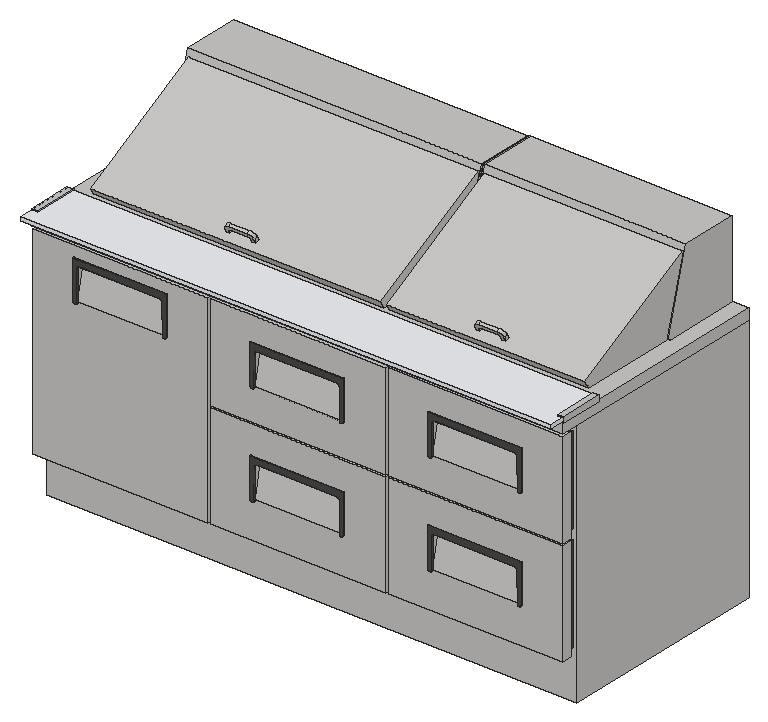
Revit family "QF_TRUE_TFP-72-30M-D-4", category Specialty Equipment, Revit 2012 (continued)
Automatic sketch dimensions
  Split face 13 sketch curve to Split face 13 sketch curve = 1 1/4"
  Split face 14 sketch curve to Extrusion 1 = 1.47413"
  Split face 14 sketch curve to Split face 14 sketch curve = 4 1/4"
  Split face 14 sketch curve to Extrusion 1 = 7 15/16"
  Split face 14 sketch curve to Split face 14 sketch curve = 1 1/4"
  Split face 15 sketch curve to Extrusion 1 = 1.47413"
  Split face 15 sketch curve to Split face 15 sketch curve = 4 1/4"
  Split face 15 sketch curve to Extrusion 1 = 9 7/16"
  Split face 15 sketch curve to Split face 15 sketch curve = 1 1/4"
  Split face 16 sketch curve to Extrusion 1 = 1.47413"
  Split face 16 sketch curve to Split face 16 sketch curve = 4 1/4"
  Split face 16 sketch curve to Extrusion 1 = 10 15/16"
  Split face 16 sketch curve to Split face 16 sketch curve = 1 1/4"
  Split face 17 sketch curve to Extrusion 1 = 1.47413"
  Split face 17 sketch curve to Split face 17 sketch curve = 4 1/4"
  Split face 17 sketch curve to Extrusion 1 = 12 7/16"
  Split face 17 sketch curve to Split face 17 sketch curve = 1 1/4"
  Split face 18 sketch curve to Extrusion 1 = 1.47413"
  Split face 18 sketch curve to Split face 18 sketch curve = 4 1/4"
  Split face 18 sketch curve to Extrusion 1 = 13 15/16"
  Split face 18 sketch curve to Split face 18 sketch curve = 1 1/4"
  Extrusion 2 to Extrusion 11 sketch curve = 24 11/64"
  Extrusion 11 sketch curve to Extrusion 2 = 0"  (x3)
  Extrusion 12 sketch curve to Extrusion 2 = 0"
  Extrusion 2 to Extrusion 12 sketch curve = 22 15/32"
  Extrusion 2 to Extrusion 12 sketch curve = 0.04699"
  Extrusion 12 sketch curve to Extrusion 12 sketch curve = 23 55/64"
  Extrusion 1 to Extrusion 13 sketch curve = 3.53427"
  Extrusion 1 to Extrusion 13 sketch curve = 3.84854"
  Split face 19 sketch curve to Extrusion 1 = 1.47413"
  Split face 19 sketch curve to Split face 19 sketch curve = 4 1/4"
  Split face 19 sketch curve to Extrusion 1 = 27 3/16"
  Split face 19 sketch curve to Split face 19 sketch curve = 1 1/4"
  Split face 20 sketch curve to Extrusion 1 = 1.47413"
  Split face 20 sketch curve to Split face 20 sketch curve = 4 1/4"
  Split face 20 sketch curve to Extrusion 1 = 25 11/16"
  Split face 20 sketch curve to Split face 20 sketch curve = 1 1/4"
  Split face 21 sketch curve to Extrusion 1 = 1.47413"
  Split face 21 sketch curve to Split face 21 sketch curve = 4 1/4"
  Split face 21 sketch curve to Extrusion 1 = 24 3/16"
  Split face 21 sketch curve to Split face 21 sketch curve = 1 1/4"
  Split face 22 sketch curve to Extrusion 1 = 1.47413"
  Split face 22 sketch curve to Split face 22 sketch curve = 4 1/4"
  Split face 22 sketch curve to Extrusion 1 = 22 11/16"
  Split face 22 sketch curve to Split face 22 sketch curve = 1 1/4"
  Split face 23 sketch curve to Extrusion 1 = 1.47413"
  Split face 23 sketch curve to Split face 23 sketch curve = 4 1/4"
  Split face 23 sketch curve to Extrusion 1 = 21 3/16"
  Split face 23 sketch curve to Split face 23 sketch curve = 1 1/4"
  Split face 24 sketch curve to Extrusion 1 = 1.47413"
  Split face 24 sketch curve to Split face 24 sketch curve = 4 1/4"
  Split face 24 sketch curve to Extrusion 1 = 19 11/16"
  Split face 24 sketch curve to Split face 24 sketch curve = 1 1/4"
  Extrusion 14 sketch curve to plane 10 = 0"
  Extrusion 14 sketch curve to plane 6 "TOP" = 0"
  Extrusion 14 sketch curve to plane 1 "BACK" = 0"
  plane 13 to Extrusion 14 sketch curve = 0.05388"
  plane 12 to Extrusion 14 sketch curve = 0.21856"
  Extrusion 14 sketch curve to plane 12 = 0.02175"
  Extrusion 14 sketch curve to Extrusion 14 sketch curve = 1/4"
  Extrusion 15 sketch curve to plane 10 = 0"  (x2)
  Extrusion 15 sketch curve to plane 17 = 0.41439"
  plane 11 to Extrusion 15 sketch curve = 6.86557"
  Extrusion 15 sketch curve to Extrusion 15 sketch curve = 0.53006"
  Extrusion 15 sketch curve to plane 12 = 0.02175"
  plane 12 to Extrusion 15 sketch curve = 0.21856"
  Extrusion 15 sketch curve to Extrusion 15 sketch curve = 0"
  Extrusion 15 sketch curve to plane 13 = 0.19041"
  Extrusion 15 sketch curve to Extrusion 15 sketch curve = 1/4"
  Extrusion 15 sketch curve to plane 6 "TOP" = 0.85196"
  Extrusion 16 sketch curve to plane 10 = 0"
  Extrusion 16 sketch curve to plane 6 "TOP" = 0"
  Extrusion 16 sketch curve to plane 1 "BACK" = 0"
  plane 13 to Extrusion 16 sketch curve = 0.05388"
  plane 12 to Extrusion 16 sketch curve = 0.21856"
  Extrusion 16 sketch curve to plane 12 = 0.02175"
  Extrusion 16 sketch curve to Extrusion 16 sketch curve = 1/4"
  Extrusion 17 sketch curve to plane 9 "BASE" = 0"  (x2)
  plane 11 to Extrusion 17 sketch curve = 5.94589"
  plane 9 "BASE" to Extrusion 17 sketch curve = 9/16"  (x2)
  Extrusion 17 sketch curve to Extrusion 17 sketch curve = 1.18585"  (x2)
  plane 1 "BACK" to Extrusion 17 sketch curve = 3.67985"
  Extrusion 18 sketch curve to plane 9 "BASE" = 0"  (x2)
  plane 11 to Extrusion 18 sketch curve = 5.94589"
  plane 9 "BASE" to Extrusion 18 sketch curve = 9/16"  (x2)
  Extrusion 18 sketch curve to Extrusion 18 sketch curve = 1.18585"  (x2)
  plane 1 "BACK" to Extrusion 18 sketch curve = 3.67985"
  Extrusion 19 sketch curve to plane 9 "BASE" = 0"  (x2)
  plane 11 to Extrusion 19 sketch curve = 5.94589"
  plane 9 "BASE" to Extrusion 19 sketch curve = 9/16"  (x2)
  Extrusion 19 sketch curve to Extrusion 19 sketch curve = 1.18585"  (x2)
  plane 1 "BACK" to Extrusion 19 sketch curve = 3.67985"
  Extrusion 20 sketch curve to plane 9 "BASE" = 0"  (x2)
  plane 11 to Extrusion 20 sketch curve = 5.94589"
  plane 9 "BASE" to Extrusion 20 sketch curve = 9/16"  (x2)
  Extrusion 20 sketch curve to Extrusion 20 sketch curve = 1.18585"  (x2)
  plane 1 "BACK" to Extrusion 20 sketch curve = 3.67985"
  Extrusion 21 sketch curve to Extrusion 21 sketch curve = 0"  (x5)
  plane 19 to Extrusion 21 sketch curve = 11 3/4"
  Extrusion 21 sketch curve to Extrusion 21 sketch curve = 1/2"  (x3)
  Extrusion 21 sketch curve to Extrusion 21 sketch curve = 1/4"
  Extrusion 21 sketch curve to Extrusion 21 sketch curve = 2 1/2"
  Extrusion 22 sketch curve to Extrusion 22 sketch curve = 0"  (x5)
  Extrusion 22 sketch curve to plane 7 "Center Y" = 11 7/8"
  Extrusion 22 sketch curve to Extrusion 22 sketch curve = 1/2"  (x3)
  Extrusion 22 sketch curve to Extrusion 22 sketch curve = 1/4"
  Extrusion 22 sketch curve to Extrusion 22 sketch curve = 2 1/2"
  Split face 25 sketch curve to Extrusion 1 = 1.47413"
  Split face 25 sketch curve to Split face 25 sketch curve = 4 1/4"
  Split face 25 sketch curve to Extrusion 1 = 31 11/16"
  Split face 25 sketch curve to Split face 25 sketch curve = 1 1/4"
  Split face 26 sketch curve to Extrusion 1 = 1.47413"
  Split face 26 sketch curve to Split face 26 sketch curve = 4 1/4"
  Split face 26 sketch curve to Extrusion 1 = 30 3/16"
  Split face 26 sketch curve to Split face 26 sketch curve = 1 1/4"
  Split face 27 sketch curve to Extrusion 1 = 1.47413"
  Split face 27 sketch curve to Split face 27 sketch curve = 4 1/4"
  Split face 27 sketch curve to Extrusion 1 = 28 11/16"
  Split face 27 sketch curve to Split face 27 sketch curve = 1 1/4"
  Extrusion 23 sketch curve to plane 11 = 0"  (x2)
  Extrusion 23 sketch curve to Extrusion 23 sketch curve = 1"  (x2)
  Extrusion 23 sketch curve to plane 16 = 2.82903"
  plane 16 to Extrusion 23 sketch curve = 1.63646"
  Extrusion 23 sketch curve to Extrusion 23 sketch curve = 9.37673"
  Extrusion 23 sketch curve to Extrusion 23 sketch curve = 4.46549"
  Split face 28 sketch curve to Extrusion 1 = 1.47413"
  Split face 28 sketch curve to Split face 28 sketch curve = 4 1/4"
  Split face 28 sketch curve to Extrusion 1 = 28 7/16"
  Split face 28 sketch curve to Split face 28 sketch curve = 1 1/4"
  Split face 29 sketch curve to Extrusion 1 = 1.47413"
  Split face 29 sketch curve to Split face 29 sketch curve = 4 1/4"
  Split face 29 sketch curve to Extrusion 1 = 26 15/16"
  Split face 29 sketch curve to Split face 29 sketch curve = 1 1/4"
  Split face 30 sketch curve to Extrusion 1 = 1.47413"
  Split face 30 sketch curve to Split face 30 sketch curve = 4 1/4"
  Split face 30 sketch curve to Extrusion 1 = 25 7/16"
  Split face 30 sketch curve to Split face 30 sketch curve = 1 1/4"
  Split face 31 sketch curve to Extrusion 1 = 1.47413"
  Split face 31 sketch curve to Split face 31 sketch curve = 4 1/4"
  Split face 31 sketch curve to Extrusion 1 = 23 15/16"
  Split face 31 sketch curve to Split face 31 sketch curve = 1 1/4"
  Split face 32 sketch curve to Extrusion 1 = 1.47413"
  Split face 32 sketch curve to Split face 32 sketch curve = 4 1/4"
  Split face 32 sketch curve to Extrusion 1 = 22 7/16"
  Split face 32 sketch curve to Split face 32 sketch curve = 1 1/4"
  Split face 33 sketch curve to Extrusion 1 = 1.47413"
  Split face 33 sketch curve to Split face 33 sketch curve = 4 1/4"
  Split face 33 sketch curve to Extrusion 1 = 20 15/16"
  Split face 33 sketch curve to Split face 33 sketch curve = 1 1/4"
  Split face 34 sketch curve to Extrusion 1 = 1.47413"
  Split face 34 sketch curve to Split face 34 sketch curve = 4 1/4"
  Split face 34 sketch curve to Extrusion 1 = 32 15/16"
  Split face 34 sketch curve to Split face 34 sketch curve = 1 1/4"
  Split face 35 sketch curve to Extrusion 1 = 1.47413"
  Split face 35 sketch curve to Split face 35 sketch curve = 4 1/4"
  Split face 35 sketch curve to Extrusion 1 = 31 7/16"
  Split face 35 sketch curve to Split face 35 sketch curve = 1 1/4"
  Split face 36 sketch curve to Extrusion 1 = 1.47413"
  Split face 36 sketch curve to Split face 36 sketch curve = 4 1/4"
  Split face 36 sketch curve to Extrusion 1 = 29 15/16"
  Split face 36 sketch curve to Split face 36 sketch curve = 1 1/4"
  Extrusion 12 sketch curve to Extrusion 2 = 5/16"
  curve 2 to plane 19 = 18 3/16"
  plane 11 to curve 98 = 7.17558"
  radius of Extrusion 13 sketch curve = 1/2"
Connectors (in)
  electrical at (68.27646, 0.25, 4.28427), driven by "Volts", driven by "Watts"
    settings: on Extrusion 13, index 1, voltage 115 V, apparent load 0 VA, apparent load phase1 0 VA, apparent load phase2 0 VA, apparent load phase3 0 VA, power factor 1, load classification "Other", number of poles 1, system type 30, power factor state 1, is connector primary yes, connector utility no, sub classification motor no, connector description "ELECTRICAL CONNECTION"
